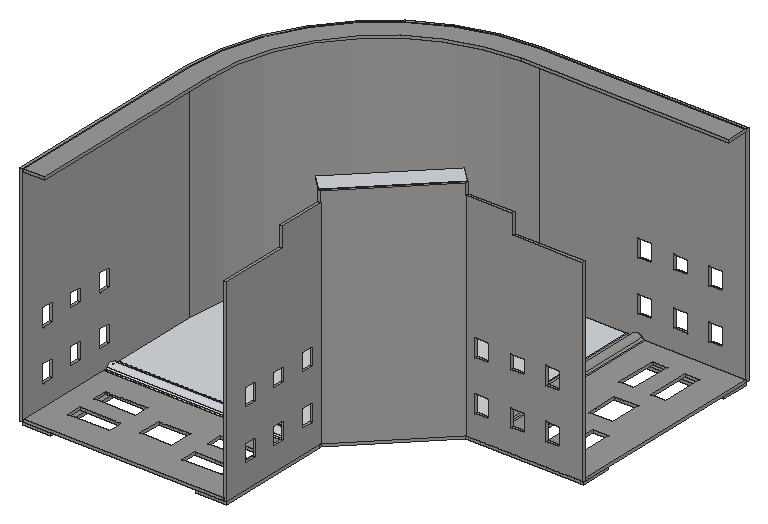
Revit family "Bogen  RBM 90 110 FS", category Generic Models, Revit 2017
Family settings
  Can host rebar = No
  Round Connector Dimension = Use Diameter
  Part Type = Normal
  Work Plane-Based = No
  Always vertical = Yes
  Cut with Voids When Loaded = No
  Shared = No
  Room Calculation Point = No
Parameters (values of type "RBM 90 110 FS")
  URL = "http://www.obo-bettermann.com"
  Material = Strip galvanised
  Manufacturer Art.No. = "6041840"
  Manufacturer = "OBO BETTERMANN"
  GTIN = "4012195880547"
  Cut's number = 2
  Article Type = "RBM 90 110 FS"
Reference planes
  plane 1 "Center (Front/Back)": y = 0
  plane 2: z = 0
  plane 3 "Center (Left/Right)": x = 0
  plane 4: x = 200.1
  plane 5: x = 145.7
  plane 6: x = 140.8
  plane 7: z = 3.3
  plane 8: y = 100
  plane 9: x = 199.969
  plane 10: y = -100.1
  plane 11: y = -45.7
  plane 12: y = -40.8
  plane 13: z = 3.3
  plane 14: x = 96.869
  plane 15: y = 3
  plane 16: x = 50.455
  plane 17: y = -74.6
  plane 18: x = 78.955
  plane 19: x = 21.955
  plane 20: y = -66.6
  plane 21: y = -82.6
  plane 22: y = -66.6
  plane 23: y = -82.6
  plane 24: x = 50.455
  plane 25: y = -82.613
  plane 26: y = -82.613
  plane 27: x = 107.388
  plane 28: y = -82.613
  plane 29: y = -82.613
  plane 30: x = 107.388
  plane 31: y = -66.581
  plane 32: y = -66.581
  plane 33: through (199.969, -100.1, 1200) normal (-0.7071, -0.7071, 0)
  plane 34: z = 113
  plane 35: z = -1.25
  plane 36: z = 107.52
  plane 37: z = 98.02
  plane 38: x = 164.969
  plane 39: z = 107.52
  plane 40: z = 98.02
  plane 41: y = -65.1
  plane 42: z = 111.75
  plane 43: z = 16.2
  plane 44: y = -85.1
  plane 45: z = 41.2
  plane 46: y = -85.1
  plane 47: z = 16.2
  plane 48: y = -67.614
  plane 49: z = 16.2
  plane 50: y = -49.59
  plane 51: z = 41.2
  plane 52: y = -49.59
  plane 53: z = 41.2
  plane 54: y = -67.617
  plane 55: z = 41.188
  plane 56: x = 50
  plane 57: z = 41.2
  plane 58: x = 184.969
  plane 59: z = 41.2
  plane 60: x = 167.486
  plane 61: z = 16.2
  plane 62: x = 184.969
  plane 63: z = 16.2
  plane 64: x = 167.451
  plane 65: z = 16.2
  plane 66: x = 149.513
  plane 67: z = 41.2
  plane 68: x = 149.513
  plane 69: y = 50
Forms (mm)
  Extrusion 1, solid, material "Strip galvanised" <- "Material"
    sketch origin (0, 0, 0) x (1, 0, 0) y (0, 0, 1)
      loop
        line (200.1, 0) -> (200.1, 1.3) -> (150.1, 1.3) -> (148.894, 1.3)
        arc (148.894, 1.3) -> (148.512, 1.41) -> (148.248, 1.708) r 0.716
        arc (148.248, 1.708) -> (145.801, 3.301) -> (143.267, 1.85) r 2.8
        arc (143.267, 1.85) -> (142.998, 1.518) -> (142.63, 1.3) r 1.206
        line (142.63, 1.3) -> (140.8, 1.3) -> (140.8, 0) -> (142.85, 0)
        arc (142.85, 0) -> (143.716, 0.276) -> (144.306, 1.001) r 1.5
        arc (144.306, 1.001) -> (145.721, 2.002) -> (147.135, 1.001) r 1.5
        arc (147.135, 1.001) -> (147.684, 0.276) -> (148.55, 0) r 1.5
        line (148.55, 0) -> (200.1, 0)
    from 0 to -100
  Extrusion 2, solid, material "Strip galvanised" <- "Material"
    sketch origin (0, 0, 0) x (1, 0, 0) y (0, 1, 0)
      loop
        line (0, -100.1) -> (100, -100.1) -> (100, -50.1) -> (0, -50.1) -> (0, -100.1)
    from 0 to 1.3
  Extrusion 3, solid
    sketch origin (0, 0, 0) x (0, 1, 0) y (0, 0, 1)
      loop
        arc (-48.22, 1.704) -> (-48.484, 1.409) -> (-48.865, 1.3) r 0.717
        line (-48.865, 1.3) -> (-50.1, 1.3) -> (-50.1, 0) -> (-48.522, 0)
        arc (-48.522, 0) -> (-47.66, 0.273) -> (-47.111, 0.992) r 1.5
        arc (-47.111, 0.992) -> (-45.7, 1.983) -> (-44.289, 0.992) r 1.5
        arc (-44.289, 0.992) -> (-43.74, 0.273) -> (-42.878, 0) r 1.5
        line (-42.878, 0) -> (-40.8, 0) -> (-40.8, 1.3) -> (-42.52, 1.3)
        arc (-42.52, 1.3) -> (-42.912, 1.412) -> (-43.185, 1.715) r 0.741
        arc (-43.185, 1.715) -> (-45.706, 3.283) -> (-48.22, 1.704) r 2.8
    from 0 to 100
  Extrusion 4, solid
    sketch origin (0, 0, 0) x (1, 0, 0) y (0, 1, 0)
      loop
        line (140.8, 0) -> (140.8, 100) -> (97, 100)
        arc (97, 100) -> (28.411, 71.589) -> (0, 3) r 97
        line (0, 3) -> (0, -40.8) -> (100, -40.8) -> (140.8, 0)
    from 0 to 1.3
  Extrusion 5, void
    sketch origin (0, 0, 0) x (1, 0, 0) y (0, 1, 0)
      loop
        line (42.455, -68.6) -> (42.455, -80.6) -> (58.455, -80.6) -> (58.455, -68.6) -> (42.455, -68.6)
      loop
        line (11.455, -62.8) -> (11.455, -70.4) -> (32.455, -70.4) -> (32.455, -62.8) -> (11.455, -62.8)
    from 0 to 1.3
  Extrusion 6, void
    sketch origin (0, -16.013, 0) x (1, 0, 0) y (0, 1, 0)
      loop
        line (11.455, -62.8) -> (11.455, -70.4) -> (32.455, -70.4) -> (32.455, -62.8) -> (11.455, -62.8)
    from 0 to 1.3
  Extrusion 7, void
    sketch origin (56.933, -16.013, 0) x (1, 0, 0) y (0, 1, 0)
      loop
        line (11.455, -62.8) -> (11.455, -70.4) -> (32.455, -70.4) -> (32.455, -62.8) -> (11.455, -62.8)
    from 0 to 1.3
  Extrusion 8, void
    sketch origin (56.933, 0.019, 0) x (1, 0, 0) y (0, 1, 0)
      loop
        line (11.455, -62.8) -> (11.455, -70.4) -> (32.455, -70.4) -> (32.455, -62.8) -> (11.455, -62.8)
    from 0 to 1.3
  Extrusion 9, void
    sketch origin (0, 0, 0) x (1, 0, 0) y (0, 1, 0)
      loop
        line (162.669, 88.414) -> (162.669, 67.414) -> (170.269, 67.414) -> (170.269, 88.414) -> (162.669, 88.414)
      loop
        line (168.469, 57.414) -> (168.469, 41.414) -> (180.469, 41.414) -> (180.469, 57.414) -> (168.469, 57.414)
      loop
        line (178.682, 88.414) -> (178.682, 67.414) -> (186.282, 67.414) -> (186.282, 88.414) -> (178.682, 88.414)
      loop
        line (162.651, 31.481) -> (162.651, 10.481) -> (170.251, 10.481) -> (170.251, 31.481) -> (162.651, 31.481)
      loop
        line (178.682, 31.481) -> (178.682, 10.481) -> (186.282, 10.481) -> (186.282, 31.481) -> (178.682, 31.481)
    from 0 to 1.3
  Extrusion 10, solid, material "Strip galvanised" <- "Material"
    sketch origin (0, 0, 0) x (1, 0, 0) y (0, 1, 0)
      loop
        line (200.1, 100) -> (200.1, 101.3) -> (97, 101.3)
        arc (97, 101.3) -> (27.491, 72.509) -> (-1.3, 3) r 98.3
        line (-1.3, 3) -> (-1.3, -100.1) -> (0, -100.1) -> (0, 3)
        arc (0, 3) -> (28.411, 71.589) -> (97, 100) r 97
        line (97, 100) -> (200.1, 100)
    from 0 to 113
  Extrusion 11, solid, material "Strip galvanised" <- "Material"
    sketch origin (0, 0, 0) x (1, 0, 0) y (0, 1, 0)
      loop
        line (200.1, 100) -> (97, 100)
        arc (97, 100) -> (78.764, 97.981) -> (61.15, 92.845) r 105.922
        arc (61.15, 92.845) -> (26.902, 69.964) -> (5.56, 34.736) r 94.982
        arc (5.56, 34.736) -> (1.323, 17.601) -> (0, 0) r 105.555
        line (0, 0) -> (0, -100.1) -> (13.8, -100.1) -> (13.8, 0.062)
        arc (13.8, 0.062) -> (14.945, 15.392) -> (18.633, 30.315) r 91.755
        arc (18.633, 30.315) -> (36.874, 60.424) -> (66.146, 79.981) r 81.182
        arc (66.146, 79.981) -> (81.388, 84.432) -> (97.168, 86.2) r 92.122
        line (97.168, 86.2) -> (200.1, 86.2) -> (200.1, 100)
    from 0 to -1.25
  Extrusion 12, solid, material "Strip galvanised" <- "Material"
    sketch origin (0, 0, 0) x (1, 0, 0) y (0, 1, 0)
      loop
        line (140.8, 0) -> (100, -40.8) -> (100, -100.1) -> (101.3, -100.1) -> (101.3, -41.338) -> (141.338, -1.3) -> (199.969, -1.3) -> (199.969, 0) -> (140.8, 0)
    from 0 to 113
  Extrusion 13, void
    sketch origin (0, 0, 0) x (1, 0, 0) y (0, 0, 1)
      loop
        line (141.338, 107.52) -> (164.969, 107.52) -> (164.969, 98.02) -> (200.1, 98.02) -> (200.1, 113.02) -> (141.338, 113.02) -> (141.338, 107.52)
    from -0.705 to 2.24
  Extrusion 14, void
    sketch origin (0, 0, 0) x (0, 1, 0) y (0, 0, 1)
      loop
        line (-65.1, 107.52) -> (-41.338, 107.52) -> (-41.338, 113) -> (-100.1, 113) -> (-100.1, 98.02) -> (-65.1, 98.02) -> (-65.1, 107.52)
    from 100 to 101.3
  Extrusion 15, solid, material "Strip galvanised" <- "Material"
    sketch origin (0, 0, 0) x (1, 0, 0) y (0, 1, 0)
      loop
        line (200.1, 100) -> (96.331, 100)
        arc (96.331, 100) -> (27.805, 70.898) -> (0, 1.836) r 97.152
        line (0, 1.836) -> (0, -100.1) -> (10.8, -100.1) -> (10.8, 1.894)
        arc (10.8, 1.894) -> (35.479, 63.298) -> (96.378, 89.2) r 86.352
        line (96.378, 89.2) -> (200.1, 89.2) -> (200.1, 100)
    from 111.75 to 113
  Extrusion 16, solid
    sketch origin (0, 0, 0) x (1, 0, 0) y (0, 1, 0)
      loop
        line (140.8, 0) -> (133.163, 7.637) -> (92.363, -33.163) -> (100, -40.8) -> (140.8, 0)
    from 111.75 to 113
  Extrusion 17, solid, material "Strip galvanised" <- "Material"
    sketch origin (0, 0, 0) x (1, 0, 0) y (0, 1, 0)
      loop
        line (141.053, -1.586) -> (130.446, 9.021) -> (90.848, -30.577) -> (101.455, -41.184) -> (141.053, -1.586)
    from 0 to -1.25
  Extrusion 18, solid, material "Strip galvanised" <- "Material"
    sketch origin (0, 0, 0) x (1, 0, 0) y (0, 1, 0)
      loop
        line (141.338, -1.3) -> (200.1, -1.3) -> (200.1, 13.7) -> (142.18, 13.7) -> (142.18, 0) -> (141.338, 0) -> (141.338, -1.3)
    from -1.25 to 0
  Extrusion 19, solid, material "Strip galvanised" <- "Material"
    sketch origin (0, 0, 0) x (1, 0, 0) y (0, 1, 0)
      loop
        line (101.3, -100.1) -> (101.3, -42.1) -> (101.3, -41.029) -> (100, -41.029) -> (100, -42.1) -> (86.3, -42.1) -> (86.3, -100.1) -> (101.3, -100.1)
    from -1.25 to 0
  Extrusion 20, void
    sketch origin (0, 0, 0) x (0, 1, 0) y (0, 0, 1)
      loop
        line (-88.6, 20.7) -> (-88.6, 11.7) -> (-81.6, 11.7) -> (-81.6, 20.7) -> (-88.6, 20.7)
    from 100 to 101.3
  Extrusion 21, void
    sketch origin (0, 0, 25) x (0, 1, 0) y (0, 0, 1)
      loop
        line (-88.6, 20.7) -> (-88.6, 11.7) -> (-81.6, 11.7) -> (-81.6, 20.7) -> (-88.6, 20.7)
    from 100 to 101.3
  Extrusion 22, void
    sketch origin (0, 17.486, 0) x (0, 1, 0) y (0, 0, 1)
      loop
        line (-88.6, 20.7) -> (-88.6, 11.7) -> (-81.6, 11.7) -> (-81.6, 20.7) -> (-88.6, 20.7)
    from 100 to 101.3
  Extrusion 23, void
    sketch origin (0, 35.51, 0) x (0, 1, 0) y (0, 0, 1)
      loop
        line (-88.6, 20.7) -> (-88.6, 11.7) -> (-81.6, 11.7) -> (-81.6, 20.7) -> (-88.6, 20.7)
    from 100 to 101.3
  Extrusion 24, void
    sketch origin (0, 35.51, 25) x (0, 1, 0) y (0, 0, 1)
      loop
        line (-88.6, 20.7) -> (-88.6, 11.7) -> (-81.6, 11.7) -> (-81.6, 20.7) -> (-88.6, 20.7)
    from 100 to 101.3
  Extrusion 25, void
    sketch origin (0, 17.483, 25) x (0, 1, 0) y (0, 0, 1)
      loop
        line (-88.6, 19.7) -> (-88.6, 12.7) -> (-81.6, 12.7) -> (-81.6, 19.7) -> (-88.6, 19.7)
    from 100 to 101.3
  Extrusion 26, void
    sketch origin (0, 0, 0) x (0, 1, 0) y (0, 0, 1)
      loop
        line (-81.6, 45.7) -> (-88.6, 45.7) -> (-88.6, 36.7) -> (-81.6, 36.7) -> (-81.6, 45.7)
      loop
        line (-64.117, 44.7) -> (-71.117, 44.7) -> (-71.117, 37.7) -> (-64.117, 37.7) -> (-64.117, 44.7)
    from -1.3 to 0
  Extrusion 27, void
    sketch origin (0, 0, 0) x (0, 1, 0) y (0, 0, 1)
      loop
        line (-81.6, 20.7) -> (-88.6, 20.7) -> (-88.6, 11.7) -> (-81.6, 11.7) -> (-81.6, 20.7)
      loop
        line (-64.114, 20.7) -> (-71.114, 20.7) -> (-71.114, 11.7) -> (-64.114, 11.7) -> (-64.114, 20.7)
      loop
        line (-46.09, 20.7) -> (-53.09, 20.7) -> (-53.09, 11.7) -> (-46.09, 11.7) -> (-46.09, 20.7)
      loop
        line (-46.09, 45.7) -> (-53.09, 45.7) -> (-53.09, 36.7) -> (-46.09, 36.7) -> (-46.09, 45.7)
    from -1.3 to 0
  Extrusion 28, void
    sketch origin (99.869, 99.869, 25) x (-1, 0, 0) y (0, 0, -1)
      loop
        line (-88.6, -20.7) -> (-81.6, -20.7) -> (-81.6, -11.7) -> (-88.6, -11.7) -> (-88.6, -20.7)
    from 99.869 to 101.169
  Extrusion 29, void
    sketch origin (82.386, 99.869, 25) x (-1, 0, 0) y (0, 0, -1)
      loop
        line (-88.6, -19.7) -> (-81.6, -19.7) -> (-81.6, -12.7) -> (-88.6, -12.7) -> (-88.6, -19.7)
    from 99.869 to 101.169
  Extrusion 30, void
    sketch origin (99.869, 99.869, 0) x (-1, 0, 0) y (0, 0, -1)
      loop
        line (-88.6, -20.7) -> (-81.6, -20.7) -> (-81.6, -11.7) -> (-88.6, -11.7) -> (-88.6, -20.7)
    from 99.869 to 101.169
  Extrusion 31, void
    sketch origin (82.351, 99.869, 0) x (-1, 0, 0) y (0, 0, -1)
      loop
        line (-88.6, -20.7) -> (-81.6, -20.7) -> (-81.6, -11.7) -> (-88.6, -11.7) -> (-88.6, -20.7)
    from 99.869 to 101.169
  Extrusion 32, void
    sketch origin (64.413, 99.869, 0) x (-1, 0, 0) y (0, 0, -1)
      loop
        line (-88.6, -20.7) -> (-81.6, -20.7) -> (-81.6, -11.7) -> (-88.6, -11.7) -> (-88.6, -20.7)
    from 99.869 to 101.169
  Extrusion 33, void
    sketch origin (64.413, 99.869, 25) x (-1, 0, 0) y (0, 0, -1)
      loop
        line (-88.6, -20.7) -> (-81.6, -20.7) -> (-81.6, -11.7) -> (-88.6, -11.7) -> (-88.6, -20.7)
    from 99.869 to 101.169
  Extrusion 34, void
    sketch origin (0, 0, 0) x (1, 0, 0) y (0, 0, 1)
      loop
        line (188.469, 20.7) -> (181.469, 20.7) -> (181.469, 11.7) -> (188.469, 11.7) -> (188.469, 20.7)
    from -101.3 to -100
  Extrusion 35, void
    sketch origin (-17.469, 0, 0) x (1, 0, 0) y (0, 0, 1)
      loop
        line (188.469, 20.7) -> (181.469, 20.7) -> (181.469, 11.7) -> (188.469, 11.7) -> (188.469, 20.7)
    from -101.3 to -100
  Extrusion 36, void
    sketch origin (-35.435, 0, 0) x (1, 0, 0) y (0, 0, 1)
      loop
        line (188.469, 20.7) -> (181.469, 20.7) -> (181.469, 11.7) -> (188.469, 11.7) -> (188.469, 20.7)
    from -101.3 to -100
  Extrusion 37, void
    sketch origin (0, 0, 25) x (1, 0, 0) y (0, 0, 1)
      loop
        line (188.469, 20.7) -> (181.469, 20.7) -> (181.469, 11.7) -> (188.469, 11.7) -> (188.469, 20.7)
    from -101.3 to -100
  Extrusion 38, void
    sketch origin (-35.435, 0, 25) x (1, 0, 0) y (0, 0, 1)
      loop
        line (188.469, 20.7) -> (181.469, 20.7) -> (181.469, 11.7) -> (188.469, 11.7) -> (188.469, 20.7)
    from -101.3 to -100
  Extrusion 39, void
    sketch origin (0, 0, 0) x (1, 0, 0) y (0, 0, 1)
      loop
        line (170.986, 44.7) -> (163.986, 44.7) -> (163.986, 37.7) -> (170.986, 37.7) -> (170.986, 44.7)
    from -101.3 to -100
Cuts and joins
  Extrusion 5, Extrusion 6, Extrusion 7, Extrusion 8 cuts Extrusion 2
  Extrusion 9 cuts Extrusion 1
  Extrusion 13, Extrusion 14, Extrusion 20, Extrusion 21, Extrusion 22, Extrusion 23, Extrusion 24, Extrusion 25, Extrusion 26, Extrusion 27, Extrusion 28, Extrusion 29, Extrusion 30, Extrusion 31, Extrusion 32, Extrusion 33 cuts Extrusion 12
  Extrusion 14, Extrusion 20, Extrusion 26, Extrusion 27, Extrusion 34, Extrusion 35, Extrusion 36, Extrusion 37, Extrusion 38, Extrusion 39 cuts Extrusion 10
Dimensions and locks
  locked: plane 4 to plane 3 "Center (Left/Right)" at 200.1
  locked: plane 4 to plane 5 at 54.4
  locked: plane 4 to plane 6 at 59.3
  locked: plane 7 to Extrusion 1 sketch curve at 2
  locked: plane 1 "Center (Front/Back)" to plane 8 at 100
  locked: plane 8 to plane 10 at 200.1
  locked: plane 3 "Center (Left/Right)" to plane 9 at 199.969
  locked: Extrusion 2 sketch curve to Extrusion 2 sketch curve at 100
  locked: plane 10 to plane 11 at 54.4
  locked: plane 10 to plane 12 at 59.3
  locked: plane 13 to Extrusion 2 at 2
  locked: Extrusion 3 sketch curve to level at 3.283
  locked: Extrusion 3 sketch curve to Extrusion 3 sketch curve at 1.3  (x2)
  locked: Extrusion 1 sketch curve to Extrusion 1 sketch curve at 1.3
  locked: plane 14 to plane 9 at 103.1
  locked: Extrusion 2 to plane 15 at 103.1
  locked: Extrusion 4 sketch curve to Extrusion 3 at 140.8
  locked: Extrusion 4 sketch curve to Extrusion 1 at 140.8
  locked: Extrusion 5 sketch curve to Extrusion 5 sketch curve at 12
  locked: plane 17 to Extrusion 5 sketch curve at 6
  locked: Extrusion 5 sketch curve to Extrusion 5 sketch curve at 16
  locked: plane 16 to Extrusion 5 sketch curve at 8
  locked: plane 19 to plane 16 at 28.5
  locked: plane 16 to plane 18 at 28.5
  locked: plane 20 to plane 17 at 8
  locked: plane 17 to plane 21 at 8
  locked: plane 22 to plane 17 at 8
  locked: plane 17 to plane 23 at 8
  locked: Extrusion 5 sketch curve to Extrusion 5 sketch curve at 21
  locked: Extrusion 5 sketch curve to plane 19 at 10.5
  locked: Extrusion 5 sketch curve to Extrusion 5 sketch curve at 7.6
  locked: plane 20 to Extrusion 5 sketch curve at 3.8
  locked: Extrusion 6 sketch curve to Extrusion 6 sketch curve at 21
  locked: Extrusion 6 sketch curve to Extrusion 6 sketch curve at 7.6
  locked: plane 25 to Extrusion 6 sketch curve at 3.8
  locked: Extrusion 7 sketch curve to Extrusion 7 sketch curve at 21
  locked: Extrusion 7 sketch curve to Extrusion 7 sketch curve at 7.6
  locked: plane 28 to Extrusion 7 sketch curve at 3.8
  locked: Extrusion 8 sketch curve to Extrusion 8 sketch curve at 21
  locked: Extrusion 8 sketch curve to Extrusion 8 sketch curve at 7.6
  locked: plane 31 to Extrusion 8 sketch curve at 3.8
  locked: Extrusion 10 sketch curve to Extrusion 4 at 1.3
  locked: Extrusion 10 sketch curve to Extrusion 10 sketch curve at 201.4  (x2)
  locked: Extrusion 10 sketch curve to cut or joined group of Extrusion 2, Extrusion 5, Extrusion 6, Extrusion 7, Extrusion 8 at 1.3
  Extrusion 10 sketch curve to cut or joined group of Extrusion 1, Extrusion 9 = 1.3 mm
  locked: plane 34 to level at 113
  locked: cut or joined group of Extrusion 2, Extrusion 5, Extrusion 6, Extrusion 7, Extrusion 8 to Extrusion 11 at 1.25
  locked: plane 36 to Extrusion 12 at 107.52
  locked: cut or joined group 1 (Extrusion 12, Extrusion 13, Extrusion 14, Extrusion 20, Extrusion 21, Extrusion 22, Extrusion 23, Extrusion 24, Extrusion 25, Extrusion 26, Extrusion 27, Extrusion 28, Extrusion 29, Extrusion 30, Extrusion 31, Extrusion 32, Extrusion 33) to plane 39 at 107.52
  locked: Extrusion 15 sketch curve to cut or joined group 2 (Extrusion 10, Extrusion 14, Extrusion 20, Extrusion 26, Extrusion 27, Extrusion 34, Extrusion 35, Extrusion 36, Extrusion 37, Extrusion 38, Extrusion 39) at 10.8
  locked: cut or joined group 2 to Extrusion 15 sketch curve at 10.8
  locked: Extrusion 15 to Extrusion 15 at 1.25
  locked: Extrusion 16 sketch curve to cut or joined group 1 at 10.8
  locked: Extrusion 16 sketch curve to Extrusion 16 sketch curve at 57.7
  locked: plane 33 to Extrusion 17 sketch curve at 28
  locked: Extrusion 17 sketch curve to plane 33 at 28
  locked: Extrusion 17 sketch curve to cut or joined group 1 at 15
  Extrusion 17 sketch curve to Extrusion 17 sketch curve = 56 mm
  locked: cut or joined group 1 to Extrusion 18 sketch curve at 15
  Extrusion 18 sketch curve to cut or joined group of Extrusion 1, Extrusion 9 = 57.92 mm
  locked: Extrusion 18 sketch curve to cut or joined group of Extrusion 1, Extrusion 9 at 57.92
  locked: Extrusion 19 sketch curve to cut or joined group 1 at 15
  locked: cut or joined group of Extrusion 2, Extrusion 5, Extrusion 6, Extrusion 7, Extrusion 8 to Extrusion 19 sketch curve at 58
  locked: Extrusion 20 sketch curve to Extrusion 20 sketch curve at 7
  locked: plane 44 to Extrusion 20 sketch curve at 3.5
  locked: Extrusion 20 sketch curve to Extrusion 20 sketch curve at 9
  locked: plane 43 to Extrusion 20 sketch curve at 4.5
  locked: Extrusion 21 sketch curve to Extrusion 21 sketch curve at 7
  locked: plane 46 to Extrusion 21 sketch curve at 3.5
  locked: Extrusion 21 sketch curve to Extrusion 21 sketch curve at 9
  locked: plane 45 to Extrusion 21 sketch curve at 4.5
  locked: Extrusion 22 sketch curve to Extrusion 22 sketch curve at 7
  locked: plane 48 to Extrusion 22 sketch curve at 3.5
  locked: Extrusion 22 sketch curve to Extrusion 22 sketch curve at 9
  locked: plane 47 to Extrusion 22 sketch curve at 4.5
  locked: Extrusion 23 sketch curve to Extrusion 23 sketch curve at 7
  locked: plane 50 to Extrusion 23 sketch curve at 3.5
  locked: Extrusion 23 sketch curve to Extrusion 23 sketch curve at 9
  locked: plane 49 to Extrusion 23 sketch curve at 4.5
  locked: Extrusion 24 sketch curve to Extrusion 24 sketch curve at 7
  locked: plane 52 to Extrusion 24 sketch curve at 3.5
  locked: Extrusion 24 sketch curve to Extrusion 24 sketch curve at 9
  locked: plane 51 to Extrusion 24 sketch curve at 4.5
  Extrusion 25 sketch curve to Extrusion 25 sketch curve = 7 mm  (x2)
  plane 54 to Extrusion 25 sketch curve = 3.5 mm
  plane 53 to Extrusion 25 sketch curve = 3.5 mm  (x2)
  locked: Extrusion 25 sketch curve to Extrusion 25 sketch curve at 7  (x2)
  locked: Extrusion 15 to plane 56 at 50
  locked: Extrusion 28 sketch curve to Extrusion 28 sketch curve at 7
  locked: plane 58 to Extrusion 28 sketch curve at 3.5
  locked: Extrusion 28 sketch curve to Extrusion 28 sketch curve at 9
  locked: Extrusion 28 sketch curve to plane 57 at 4.5
  Extrusion 29 sketch curve to Extrusion 29 sketch curve = 7 mm  (x2)
  plane 60 to Extrusion 29 sketch curve = 3.5 mm
  Extrusion 29 sketch curve to plane 59 = 3.5 mm  (x2)
  locked: Extrusion 29 sketch curve to Extrusion 29 sketch curve at 7  (x2)
  locked: Extrusion 30 sketch curve to Extrusion 30 sketch curve at 7
  locked: plane 62 to Extrusion 30 sketch curve at 3.5
  locked: Extrusion 30 sketch curve to Extrusion 30 sketch curve at 9
  locked: Extrusion 30 sketch curve to plane 61 at 4.5
  locked: Extrusion 31 sketch curve to Extrusion 31 sketch curve at 7
  locked: plane 64 to Extrusion 31 sketch curve at 3.5
  locked: Extrusion 31 sketch curve to Extrusion 31 sketch curve at 9
  locked: Extrusion 31 sketch curve to plane 63 at 4.5
  locked: Extrusion 32 sketch curve to Extrusion 32 sketch curve at 7
  locked: plane 66 to Extrusion 32 sketch curve at 3.5
  locked: Extrusion 32 sketch curve to Extrusion 32 sketch curve at 9
  locked: Extrusion 32 sketch curve to plane 65 at 4.5
  locked: Extrusion 33 sketch curve to Extrusion 33 sketch curve at 7
  locked: plane 68 to Extrusion 33 sketch curve at 3.5
  locked: Extrusion 33 sketch curve to Extrusion 33 sketch curve at 9
  locked: Extrusion 33 sketch curve to plane 67 at 4.5
  group 3 to group 4 = 0 mm  (x2)
  group 3 to group 4 = 25 mm
  locked: plane 69 to cut or joined group 1 at 50
  aligned and locked: level to plane 2
  aligned and locked: Extrusion 1 sketch curve to plane 6
  aligned and locked: Extrusion 1 sketch curve to plane 4
  aligned and locked: plane 8 to Extrusion 1
  aligned and locked: Extrusion 1 to Extrusion 2
  aligned and locked: Extrusion 3 sketch curve to Extrusion 2
  aligned and locked: Extrusion 3 sketch curve to plane 12
  aligned and locked: Extrusion 2 to Extrusion 3
  aligned and locked: Extrusion 4 to level
  aligned and locked: Extrusion 1 to Extrusion 4
  aligned and locked: Extrusion 5 to level
  aligned and locked: Extrusion 2 to Extrusion 5
  aligned and locked: Extrusion 1 to Extrusion 9
  aligned and locked: Extrusion 10 to plane 34
  aligned and locked: Extrusion 11 sketch curve to cut or joined group of Extrusion 1, Extrusion 9
  aligned and locked: plane 10 to Extrusion 11 sketch curve
  aligned and locked: level to Extrusion 11
  aligned and locked: Extrusion 11 to plane 35
  aligned and locked: cut or joined group of Extrusion 2, Extrusion 5, Extrusion 6, Extrusion 7, Extrusion 8 to Extrusion 12 sketch curve
  aligned and locked: Extrusion 12 to plane 10
  aligned and locked: plane 9 to Extrusion 12
  aligned and locked: Extrusion 10 to Extrusion 12
  aligned and locked: Extrusion 13 sketch curve to Extrusion 12
  aligned and locked: Extrusion 10 to Extrusion 13 sketch curve
  aligned and locked: Extrusion 14 to cut or joined group 1
  aligned and locked: cut or joined group 1 to Extrusion 14
  aligned and locked: Extrusion 15 sketch curve to cut or joined group of Extrusion 1, Extrusion 9
  aligned and locked: Extrusion 15 to plane 34
  aligned and locked: Extrusion 15 to plane 42
  aligned and locked: Extrusion 16 to plane 34
  aligned and locked: Extrusion 15 to Extrusion 16
  aligned and locked: Extrusion 11 to Extrusion 17
  aligned and locked: Extrusion 18 sketch curve to cut or joined group 1
  aligned and locked: Extrusion 18 sketch curve to cut or joined group of Extrusion 1, Extrusion 9
  aligned and locked: Extrusion 18 to cut or joined group 1
  aligned and locked: Extrusion 3 to Extrusion 17
  aligned and locked: Extrusion 18 to Extrusion 17
  aligned and locked: Extrusion 19 to plane 10
  aligned and locked: Extrusion 19 to cut or joined group 1
  aligned and locked: level to Extrusion 19
  aligned and locked: Extrusion 11 to Extrusion 19
  aligned and locked: Extrusion 3 to Extrusion 20
  aligned and locked: Extrusion 12 to Extrusion 20
  aligned and locked: cut or joined group 2 to Extrusion 26
  aligned and locked: plane 3 "Center (Left/Right)" to Extrusion 26
  aligned and locked: cut or joined group 2 to Extrusion 27
  aligned and locked: plane 3 "Center (Left/Right)" to Extrusion 27
  aligned and locked: Extrusion 12 to Extrusion 28
  aligned and locked: Extrusion 28 to plane 1 "Center (Front/Back)"
  aligned and locked: Extrusion 29 to plane 1 "Center (Front/Back)"
  aligned and locked: Extrusion 12 to Extrusion 29
  aligned and locked: Extrusion 34 to Extrusion 4
  aligned and locked: Extrusion 10 to Extrusion 34
  aligned and locked: Extrusion 39 to plane 8
Automatic sketch dimensions
  Extrusion 6 sketch curve to plane 24 = 39 mm
  Extrusion 7 sketch curve to plane 27 = 39 mm
  Extrusion 8 sketch curve to plane 30 = 39 mm
  Extrusion 34 sketch curve to Extrusion 34 sketch curve = 7 mm
  Extrusion 34 sketch curve to Extrusion 34 sketch curve = 9 mm
  Extrusion 35 sketch curve to Extrusion 35 sketch curve = 7 mm
  Extrusion 35 sketch curve to Extrusion 35 sketch curve = 9 mm
  Extrusion 36 sketch curve to Extrusion 36 sketch curve = 7 mm
  Extrusion 36 sketch curve to Extrusion 36 sketch curve = 9 mm
  Extrusion 37 sketch curve to Extrusion 37 sketch curve = 7 mm
  Extrusion 37 sketch curve to Extrusion 37 sketch curve = 9 mm
  Extrusion 1 sketch curve to Extrusion 1 sketch curve = 0 mm  (x4)
  Extrusion 1 sketch curve to level = 0 mm  (x2)
  plane 6 to Extrusion 1 sketch curve = 1.409 mm
  Extrusion 1 sketch curve to Extrusion 1 sketch curve = 0.42 mm
  Extrusion 1 sketch curve to Extrusion 1 sketch curve = 0.22 mm
  plane 5 to Extrusion 1 sketch curve = 0.021 mm
  plane 5 to Extrusion 1 sketch curve = 2.85 mm
  Extrusion 1 sketch curve to Extrusion 1 sketch curve = 0.344 mm
  Extrusion 1 sketch curve to Extrusion 1 sketch curve = 1.206 mm
  level to Extrusion 1 sketch curve = 0.502 mm
  Extrusion 1 sketch curve to Extrusion 1 sketch curve = 0.2 mm  (x2)
  Extrusion 1 sketch curve to Extrusion 1 sketch curve = 0.516 mm
  Extrusion 1 sketch curve to plane 7 = 0.869 mm
  level to Extrusion 1 sketch curve = 1.001 mm
  Extrusion 1 sketch curve to Extrusion 1 sketch curve = 0.042 mm
  Extrusion 2 sketch curve to plane 3 "Center (Left/Right)" = 0 mm
  Extrusion 2 sketch curve to plane 10 = 0 mm
  Extrusion 2 sketch curve to plane 11 = 4.4 mm
  Extrusion 3 sketch curve to Extrusion 3 sketch curve = 0 mm  (x3)
  Extrusion 3 sketch curve to level = 0 mm  (x2)
  Extrusion 3 sketch curve to plane 11 = 0 mm
  Extrusion 3 sketch curve to Extrusion 3 sketch curve = 1.235 mm
  Extrusion 3 sketch curve to Extrusion 3 sketch curve = 0.342 mm
  Extrusion 3 sketch curve to plane 12 = 2.078 mm
  Extrusion 3 sketch curve to Extrusion 3 sketch curve = 0.357 mm
  level to Extrusion 3 sketch curve = 0.483 mm
  Extrusion 3 sketch curve to Extrusion 3 sketch curve = 0.2 mm  (x2)
  Extrusion 3 sketch curve to Extrusion 3 sketch curve = 0.517 mm
  Extrusion 3 sketch curve to Extrusion 3 sketch curve = 0.541 mm
  Extrusion 4 sketch curve to plane 15 = 0 mm
  plane 1 "Center (Front/Back)" to Extrusion 4 sketch curve = 0 mm
  plane 14 to Extrusion 4 sketch curve = 3.131 mm
  Extrusion 4 sketch curve to Extrusion 4 sketch curve = 43.8 mm
  plane 11 to Extrusion 4 sketch curve = 4.9 mm
  Extrusion 9 sketch curve to plane 69 = 18.519 mm
  Extrusion 9 sketch curve to plane 9 = 37.319 mm
  Extrusion 9 sketch curve to plane 8 = 11.586 mm
  Extrusion 9 sketch curve to plane 9 = 37.3 mm
  Extrusion 9 sketch curve to Extrusion 9 sketch curve = 5.8 mm
  Extrusion 9 sketch curve to Extrusion 9 sketch curve = 7.6 mm  (x4)
  Extrusion 9 sketch curve to Extrusion 9 sketch curve = 8.413 mm
  Extrusion 9 sketch curve to Extrusion 9 sketch curve = 8.432 mm
  Extrusion 9 sketch curve to Extrusion 9 sketch curve = 1.787 mm
  Extrusion 9 sketch curve to Extrusion 9 sketch curve = 0 mm  (x4)
  Extrusion 9 sketch curve to plane 1 "Center (Front/Back)" = 10.481 mm
  Extrusion 9 sketch curve to plane 69 = 8.586 mm
  plane 69 to Extrusion 9 sketch curve = 7.414 mm
  Extrusion 9 sketch curve to Extrusion 9 sketch curve = 10 mm
  Extrusion 10 sketch curve to Extrusion 10 sketch curve = 0 mm  (x2)
  Extrusion 10 sketch curve to plane 3 "Center (Left/Right)" = 0 mm
  Extrusion 10 sketch curve to plane 1 "Center (Front/Back)" = 3 mm
  Extrusion 11 sketch curve to Extrusion 11 sketch curve = 0 mm  (x8)
  Extrusion 11 sketch curve to plane 3 "Center (Left/Right)" = 0 mm
  Extrusion 11 sketch curve to plane 8 = 0 mm
  plane 1 "Center (Front/Back)" to Extrusion 11 sketch curve = 0 mm
  Extrusion 11 sketch curve to plane 1 "Center (Front/Back)" = 0.062 mm
  plane 3 "Center (Left/Right)" to Extrusion 11 sketch curve = 13.8 mm
  Extrusion 11 sketch curve to plane 1 "Center (Front/Back)" = 4.305 mm
  plane 56 to Extrusion 11 sketch curve = 45.535 mm
  plane 56 to Extrusion 11 sketch curve = 47 mm
  Extrusion 11 sketch curve to Extrusion 11 sketch curve = 0.168 mm
  plane 1 "Center (Front/Back)" to Extrusion 11 sketch curve = 5.892 mm
  Extrusion 11 sketch curve to Extrusion 11 sketch curve = 3.96 mm
  Extrusion 11 sketch curve to plane 1 "Center (Front/Back)" = 0.918 mm
  Extrusion 11 sketch curve to Extrusion 11 sketch curve = 6.055 mm
  Extrusion 11 sketch curve to plane 8 = 13.8 mm
  plane 1 "Center (Front/Back)" to Extrusion 12 sketch curve = 0 mm
  Extrusion 12 sketch curve to plane 9 = 0 mm
  plane 1 "Center (Front/Back)" to Extrusion 12 sketch curve = 1.3 mm
  Extrusion 12 sketch curve to Extrusion 12 sketch curve = 58.631 mm
  Extrusion 12 sketch curve to Extrusion 12 sketch curve = 0.538 mm  (x2)
  plane 56 to Extrusion 12 sketch curve = 51.3 mm
  Extrusion 12 sketch curve to Extrusion 12 sketch curve = 1.3 mm
  plane 11 to Extrusion 12 sketch curve = 4.362 mm
  Extrusion 13 sketch curve to plane 36 = 0 mm
  Extrusion 13 sketch curve to plane 38 = 0 mm
  Extrusion 13 sketch curve to plane 37 = 0 mm
  plane 34 to Extrusion 13 sketch curve = 0.02 mm
  Extrusion 14 sketch curve to plane 10 = 0 mm
  Extrusion 14 sketch curve to plane 40 = 0 mm
  Extrusion 14 sketch curve to plane 41 = 0 mm
  Extrusion 14 sketch curve to plane 34 = 0 mm
  plane 39 to Extrusion 14 sketch curve = 0 mm
  plane 11 to Extrusion 14 sketch curve = 4.362 mm
  Extrusion 15 sketch curve to Extrusion 15 sketch curve = 0 mm  (x2)
  Extrusion 15 sketch curve to plane 3 "Center (Left/Right)" = 0 mm
  Extrusion 15 sketch curve to plane 8 = 0 mm
  Extrusion 15 sketch curve to plane 10 = 0 mm
  plane 56 to Extrusion 15 sketch curve = 46.331 mm
  Extrusion 15 sketch curve to Extrusion 15 sketch curve = 0.047 mm
  Extrusion 15 sketch curve to plane 1 "Center (Front/Back)" = 2.852 mm
  Extrusion 15 sketch curve to Extrusion 15 sketch curve = 0.768 mm
  plane 1 "Center (Front/Back)" to Extrusion 16 sketch curve = 0 mm
  plane 11 to Extrusion 16 sketch curve = 12.537 mm
  plane 11 to Extrusion 17 sketch curve = 4.516 mm
  Extrusion 18 sketch curve to Extrusion 18 sketch curve = 0.841 mm
  Extrusion 18 sketch curve to Extrusion 18 sketch curve = 1.3 mm
  Extrusion 19 sketch curve to plane 10 = 0 mm
  Extrusion 19 sketch curve to Extrusion 19 sketch curve = 13.7 mm
  Extrusion 19 sketch curve to Extrusion 19 sketch curve = 1.3 mm
  Extrusion 19 sketch curve to Extrusion 19 sketch curve = 0 mm
  Extrusion 19 sketch curve to Extrusion 19 sketch curve = 1.071 mm
  plane 55 to Extrusion 26 sketch curve = 4.512 mm
  plane 10 to Extrusion 26 sketch curve = 11.5 mm
  Extrusion 26 sketch curve to Extrusion 26 sketch curve = 7 mm  (x2)
  Extrusion 26 sketch curve to plane 55 = 3.488 mm
  Extrusion 26 sketch curve to Extrusion 26 sketch curve = 10.483 mm
  Extrusion 26 sketch curve to plane 55 = 4.488 mm
  plane 55 to Extrusion 26 sketch curve = 3.512 mm
  plane 10 to Extrusion 27 sketch curve = 11.5 mm
  Extrusion 27 sketch curve to Extrusion 27 sketch curve = 7 mm  (x2)
  Extrusion 27 sketch curve to Extrusion 27 sketch curve = 10.486 mm
  Extrusion 27 sketch curve to plane 11 = 7.39 mm  (x2)
  Extrusion 27 sketch curve to plane 11 = 0.39 mm  (x2)
  level to Extrusion 27 sketch curve = 11.7 mm  (x2)
  Extrusion 27 sketch curve to Extrusion 27 sketch curve = 0 mm
  Extrusion 27 sketch curve to Extrusion 27 sketch curve = 9 mm  (x3)
  Extrusion 27 sketch curve to plane 55 = 4.488 mm
  plane 55 to Extrusion 27 sketch curve = 4.512 mm
  plane 55 to Extrusion 38 sketch curve = 4.512 mm
  Extrusion 38 sketch curve to plane 9 = 53.935 mm
  Extrusion 38 sketch curve to Extrusion 38 sketch curve = 7 mm
  Extrusion 38 sketch curve to plane 55 = 4.488 mm
  plane 55 to Extrusion 39 sketch curve = 3.512 mm
  Extrusion 39 sketch curve to plane 9 = 35.983 mm
  Extrusion 39 sketch curve to plane 55 = 3.488 mm
  Extrusion 39 sketch curve to Extrusion 39 sketch curve = 7 mm
  plane 55 to Extrusion 37 sketch curve = 4.512 mm
  Extrusion 37 sketch curve to plane 9 = 18.5 mm
